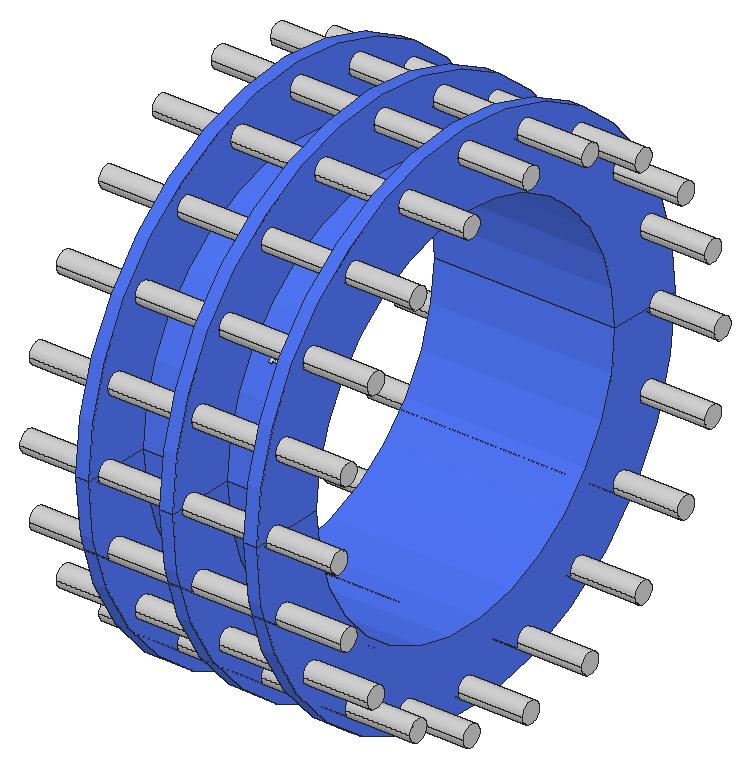
Revit family "873-00-001-DN450-600", category Pipe Accessories, Revit 2019
Family settings
  Round Connector Dimension = Use Diameter
  Part Type = Valve - Breaks Into
  Work Plane-Based = No
  Always vertical = Yes
  Cut with Voids When Loaded = No
  Shared = No
Parameters (values of type "DN600_PN16")
  d2 = size_lookup(Search_table, "d2", 0 mm, DN) / 2  # 420 mm
  d1 = size_lookup(Search_table, "d1", 0 mm, DN)  # 770 mm
  URL product pages = "https://www.avkvalves.com/P.aspx?no=873004000141000"
  T = size_lookup(Search_table, "T", 0 mm, DN)  # 33 mm
  L = size_lookup(Search_table, "L", 0 mm, DN)  # 500 mm
  Id(Radius) = DN / 2  # 300.05 mm
  Flange_thickness = 20 mm  # constant formula
  Description_ = "AVK DISMANTLING JOINT"
  DN = 600.1 mm
  Search_table = "873-00-001-DN450-600"
  Body_Wallthicknss = 10 mm  # constant formula
  Angle = 22.50°  # constant formula
  A = size_lookup(Search_table, "A", 0 mm, DN)  # 290 mm
  873-0600-00-141000 = "DN600_PN16"
  873-0600-00-041000 = "DN600_PN10"
  873-0500-00-141000 = "DN500_PN16"
  873-0500-00-041000 = "DN500_PN10"
  873-0450-00-141000 = "DN450_PN16"
  873-0450-00-041000 = "DN450_PN10"
Types (7, lengths in mm): name | d2 | d1 | T | L | Id(Radius) | DN | A
  (no name) | 420 | 770 | 33 | 500 | 300.05 | 600.1 | 290
  DN450_PN10 | 307.5 | 565 | 24 | 435 | 225 | 450 | 270
  DN450_PN16 | 320 | 585 | 27 | 450 | 225.05 | 450.1 | 270
  DN500_PN10 | 335 | 620 | 24 | 440 | 250 | 500 | 270
  DN500_PN16 | 357.5 | 650 | 30 | 460 | 250.05 | 500.1 | 270
  DN600_PN10 | 390 | 725 | 27 | 460 | 300 | 600 | 290
  DN600_PN16 | 420 | 770 | 33 | 500 | 300.05 | 600.1 | 290
Reference planes
  plane 1 "Center (Front/Back)": y = 0
  plane 2: z = 0
  plane 3 "Center (Left/Right)": x = 0
  plane 4: y = 32.5
  plane 5: y = -30
  plane 6: z = 385
  plane 7: z = -385
  plane 8: y = 385
  plane 9: y = -385
  plane 10: x = -250
  plane 11: x = 250
  plane 12: through (0, 0, 0) normal (0, 0.309, 0.9511)
  plane 13: through (0, 0, 0) normal (0, 0.5878, 0.809)
  plane 14: through (0, 0, 0) normal (0, 0.809, 0.5878)
  plane 15: through (0, 0, 0) normal (0, 0.9511, 0.309)
  plane 16: through (0, 0, 0) normal (0, 0.9511, -0.309)
  plane 17: through (0, 0, 0) normal (0, 0.809, -0.5878)
  plane 18: through (0, 0, 0) normal (0, 0.5878, -0.809)
  plane 19: through (0, 0, 0) normal (0, 0.309, -0.9511)
  plane 20: x = -145
  plane 21: x = 145
  plane 22: z = 420
  plane 23: z = -420
Forms (mm)
  Revolve 1, solid, material "Plastic"
    sketch origin (0, 0, 0) x (1, 0, 0) y (0, 1, 0)
      loop
        line (-125, 420) -> (-145, 420) -> (-145, 300.05) -> (145, 300.05) -> (145, 420) -> (125, 420) -> (125, 310.05) -> (10, 310.05) -> (10, 420) -> (-10, 420) -> (-10, 310.05) -> (-125, 310.05) -> (-125, 420)
      axis (-145, 0) -> (145, 0)
    angle from 0 to 360
  Extrusion 2, solid, material "Stainless Steel AISI 304"
    sketch origin (0, 0, 0) x (0, 1, 0) y (0, 0, 1)
      loop
        circle (0, 385) r 16.5
      loop
        circle (-385, 0) r 16.5
      loop
        circle (0, -385) r 16.5
      loop
        circle (385, 0) r 16.5
      loop
        circle (-118.972, 366.157) r 16.5
      loop
        circle (-226.297, 311.472) r 16.5
      loop
        circle (-311.472, 226.297) r 16.5
      loop
        circle (-366.157, 118.972) r 16.5
      loop
        circle (-311.472, -226.297) r 16.5
      loop
        circle (-226.297, -311.472) r 16.5
      loop
        circle (-118.972, -366.157) r 16.5
      loop
        circle (118.972, -366.157) r 16.5
      loop
        circle (226.297, -311.472) r 16.5
      loop
        circle (311.472, -226.297) r 16.5
      loop
        circle (366.157, -118.972) r 16.5
      loop
        circle (366.157, 118.972) r 16.5
      loop
        circle (311.472, 226.297) r 16.5
      loop
        circle (226.297, 311.472) r 16.5
      loop
        circle (118.972, 366.157) r 16.5
      loop
        circle (-366.157, -118.972) r 16.5
    from -250 to 250
Dimensions and locks
  "Flange_thickness": Revolve 1 sketch curve to Revolve 1 sketch curve  (x3)
  equal spacing: Revolve 1 sketch curve, plane 3 "Center (Left/Right)", Revolve 1 sketch curve  (x2)
  "A": Revolve 1 sketch curve to Revolve 1 sketch curve
  "Id(Radius)": plane 1 "Center (Front/Back)" to Revolve 1 sketch curve
  "Body_Wallthicknss": Revolve 1 sketch curve to Revolve 1 sketch curve
  "d2": plane 1 "Center (Front/Back)" to Revolve 1 sketch curve
  equal spacing: plane 6, level, plane 7
  equal spacing: plane 8, plane 1 "Center (Front/Back)", plane 9
  "d1": plane 8 to plane 9
  "d1": plane 6 to plane 7
  equal spacing: plane 11, plane 3 "Center (Left/Right)", plane 10
  "L": plane 11 to plane 10
  equal spacing: Extrusion 2 sketch curve, level, Extrusion 2 sketch curve
  "d1": Extrusion 2 sketch curve to Extrusion 2 sketch curve  (x10)
  equal spacing: Extrusion 2 sketch curve, plane 1 "Center (Front/Back)", Extrusion 2 sketch curve
  equal spacing: Extrusion 2 sketch curve, plane 16, Extrusion 2 sketch curve
  equal spacing: Extrusion 2 sketch curve, plane 17, Extrusion 2 sketch curve
  equal spacing: Extrusion 2 sketch curve, plane 18, Extrusion 2 sketch curve
  equal spacing: Extrusion 2 sketch curve, plane 19, Extrusion 2 sketch curve
  equal spacing: Extrusion 2 sketch curve, plane 12, Extrusion 2 sketch curve
  equal spacing: Extrusion 2 sketch curve, plane 13, Extrusion 2 sketch curve
  equal spacing: Extrusion 2 sketch curve, plane 14, Extrusion 2 sketch curve
  equal spacing: Extrusion 2 sketch curve, plane 15, Extrusion 2 sketch curve
  plane 6 to plane 7 = 770 mm
  equal spacing: plane 21, plane 3 "Center (Left/Right)", plane 20
  "A": plane 21 to plane 20
  equal spacing: plane 22, level, plane 23
  "d2": level to plane 23
  plane 22 to plane 23 = 840 mm
  "T": diameter of Extrusion 2 sketch curve  (x20)
  equal spacing: level, plane 12, plane 13, plane 14, plane 15, plane 1 "Center (Front/Back)"
  equal spacing: plane 1 "Center (Front/Back)", plane 16, plane 17, plane 18, plane 19, level
  aligned and locked: level to plane 2
  aligned and locked: Revolve 1 sketch curve to Revolve 1 sketch curve  (x3)
  aligned and locked: plane 1 "Center (Front/Back)" to Revolve 1 sketch curve
  aligned and locked: Extrusion 2 to plane 10
  aligned and locked: plane 11 to Extrusion 2
Automatic sketch dimensions
  Revolve 1 sketch curve to plane 3 "Center (Left/Right)" = 37.5 mm
  plane 3 "Center (Left/Right)" to Revolve 1 sketch curve = 37.5 mm
  Extrusion 2 sketch curve to plane 12 = 0 mm  (x2)
  plane 19 to Extrusion 2 sketch curve = 0 mm  (x2)
  Extrusion 2 sketch curve to plane 13 = 0 mm  (x2)
  plane 18 to Extrusion 2 sketch curve = 0 mm  (x2)
  plane 17 to Extrusion 2 sketch curve = 0 mm  (x2)
  Extrusion 2 sketch curve to plane 14 = 0 mm  (x2)
  Extrusion 2 sketch curve to plane 15 = 0 mm  (x2)
  plane 16 to Extrusion 2 sketch curve = 0 mm  (x2)
  Extrusion 2 sketch curve to plane 1 "Center (Front/Back)" = 0 mm  (x2)
  Extrusion 2 sketch curve to level = 0 mm  (x2)
Nested families
  nested 1: "LOGO - Copy - Copy" at (64.587, -270.075, 152.283) x (1, 0, 0) z (0, -0.8711, 0.4912), type "LOGO - Copy - Copy"
Connectors
  piping at (145, 0, 0), diameter 600.1, driven by "DN"
    settings: on Revolve 1, index 1, connector inside diameter 609.6 mm, connector length 0 mm, flow factor 0, pipe flow 0.0 L/s, pressure drop 0.0 Pa, fitting loss kfactor 0, connector angle 0.00°, fixture units 0, engagement length 0 mm, angle of deflection 0.00°, flow configuration 0, flow direction 0, fitting loss method 0, system type 7, joint type 0, gender type 0, connector reference index -1, connector utility 0, adjustable connector no, is connector primary yes, connector description ""
  piping at (-145, 0, 0), diameter 600.1, driven by "DN"
    settings: on Revolve 1, index 2, connector inside diameter 609.6 mm, connector length 0 mm, flow factor 0, pipe flow 0.0 L/s, pressure drop 0.0 Pa, fitting loss kfactor 0, connector angle 0.00°, fixture units 0, engagement length 0 mm, angle of deflection 0.00°, flow configuration 0, flow direction 0, fitting loss method 0, system type 7, joint type 0, gender type 0, connector reference index -1, connector utility 0, adjustable connector no, is connector primary no, connector description ""
Definition of nested family "LOGO - Copy - Copy"
  Parameters (values of type "LOGO - Copy - Copy")
    Default Elevation = 1219.2 mm
  Reference planes
    plane 1 "Center (Front/Back)": y = 0
    plane 2: z = 0
    plane 3 "Center (Left/Right)": x = 0
  Forms (mm)
    Extrusion 1, solid
      sketch origin (0, 0, 0) x (1, 0, 0) y (0, 1, 0)
        loop
          line (-1219.2, 1219.2) -> (-1219.2, -1219.2) -> (1219.2, -1219.2) -> (1219.2, 1219.2) -> (-1219.2, 1219.2)
      from 0 to -304.8
    Extrusion 2, solid
      sketch origin (0, 0, 0) x (1, 0, 0) y (0, 1, 0)
        loop
          line (-6.514, 34.224) -> (-24, 34.224) -> (-24, 29.481) -> (-9.766, 29.481) -> (-2.391, 11.367) -> (2.391, 11.367) -> (9.766, 29.481) -> (24, 29.481) -> (24, 34.224) -> (6.514, 34.224) -> (0, 18.224) -> (-6.514, 34.224)
        loop
          line (-10.996, 27.653) -> (-24, 27.653) -> (-24, 23.081) -> (-19.503, 23.081) -> (-24, 11.367) -> (-18.92, 11.367) -> (-17.955, 13.881) -> (-10.51, 13.881) -> (-9.486, 11.367) -> (-4.365, 11.367) -> (-10.996, 27.653)
        loop
          line (-16.777, 18.224) -> (-12.278, 18.224) -> (-14.594, 23.912) -> (-16.777, 18.224)
        loop
          line (4.365, 11.367) -> (9.486, 11.367) -> (12.093, 17.77) -> (16.918, 11.367) -> (22.857, 11.367) -> (17.399, 18.61)
          arc (17.399, 18.61) -> (20.583, 20.18) -> (22.629, 23.081) r 7.2
          line (22.629, 23.081) -> (24, 23.081) -> (24, 27.653) -> (19.429, 27.653)
          arc (19.429, 27.653) -> (17.763, 23.526) -> (13.699, 21.714) r 5.943
          line (13.699, 21.714) -> (16.117, 27.653) -> (10.996, 27.653) -> (4.365, 11.367)
      from 0 to 1
  Dimensions and locks
    aligned and locked: plane 2 to Extrusion 1
    aligned and locked: level to Extrusion 1
    aligned and locked: Extrusion 2 sketch curve to import instance
